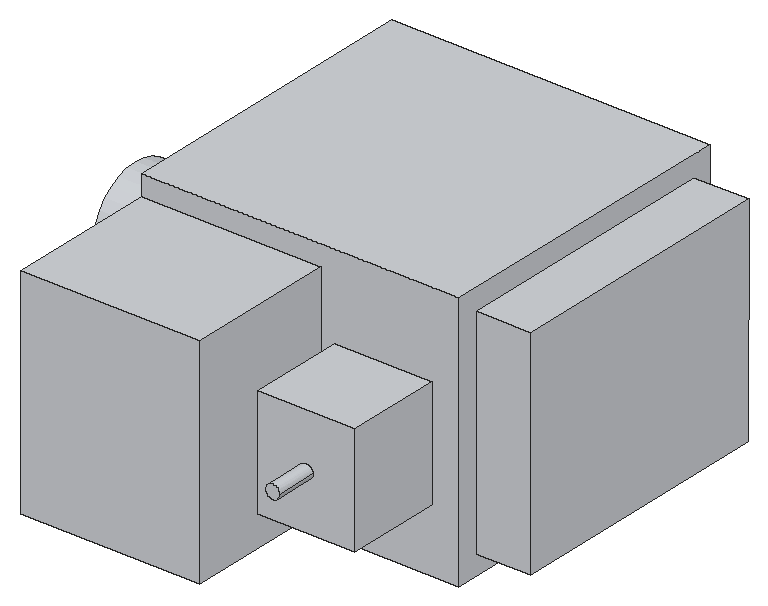
Revit family "M_Unidade de VAV - Duto simples", category Equipamento mecânico, Revit 2019
Family settings
  Cota do conector redondo = Usar raio
  Tipo de parte = Normal
  Número OmniClass = 23.75.70.21.24.14
  Título OmniClass = Variable Volume Air Terminal Units
  ID de item do Seek = VAV Unit - Single Duct-0000-CAN-ENU
  Com base no plano de trabalho = Não
  Sempre na vertical = Sim
  Corte com vazios quando carregada = Não
  Compartilhado = Não
  Ponto de cálculo do ambiente = Não
Parameters (values of type "100 mm")
  Largura 2 = 127 mm
  Largura 1 = 69.9 mm
  Comprimento total = 292 mm
  Largura da meia saída de ar = Largura de saída do ar de fornecimento / 2  # 125 mm
  Material da unidade = none
  Queda de pressão do ar de fornecimento [instance] = 2.5 Pa
  Largura de saída do ar de fornecimento = 250 mm
  Altura de saída do ar de fornecimento = 200 mm
  Raio da entrada de ar de fornecimento = 50 mm
  Diâmetro da entrada de ar de fornecimento = Raio da entrada de ar de fornecimento * 2  # 100 mm
  Fluxo de ar [instance] = 106.0 L/s
Types (9, lengths in mm): name | Largura 2 | Largura 1 | Comprimento total | Largura da meia saída de ar | Queda de pressão do ar de fornecimento | Largura de saída do ar de fornecimento | Altura de saída do ar de fornecimento | Raio da entrada de ar de fornecimento | Diâmetro da entrada de ar de fornecimento | Fluxo de ar
  (no name) | 127 | 69.9 | 292 | 125 | 2.5 Pa | 250 | 200 | 50 | 100 | 106.0 L/s
  100 mm | 127 | 69.9 | 292 | 125 | 2.5 Pa | 250 | 200 | 50 | 100 | 106.0 L/s
  125 mm | 127 | 69.9 | 292 | 125 | 5.0 Pa | 250 | 200 | 62.5 | 125 | 165.0 L/s
  150 mm | 127 | 69.9 | 292 | 125 | 54.7 Pa | 250 | 200 | 75 | 150 | 236.0 L/s
  200 mm | 139.7 | 57.2 | 279 | 137.5 | 19.9 Pa | 275 | 250 | 100 | 200 | 425.0 L/s
  250 mm | 127 | 69.9 | 305 | 175 | 2.5 Pa | 350 | 300 | 125 | 250 | 661.0 L/s
  300 mm | 114.3 | 82.6 | 330 | 212.5 | 2.5 Pa | 425 | 350 | 150 | 300 | 944.0 L/s
  350 mm | 114.3 | 82.6 | 356 | 237.5 | 2.5 Pa | 475 | 450 | 175 | 350 | 1416.0 L/s
  400 mm | 88.9 | 108 | 381 | 287.5 | 2.5 Pa | 575 | 450 | 200 | 400 | 1890.0 L/s
Reference planes
  plane 1 "Centro (Frente/Trás)": y = 0
  plane 2: z = 0
  plane 3 "Centro (Esquerda/Direita)": x = 0
  plane 4: x = -101.6
  plane 5: x = 292
  plane 6: x = 342.8
  plane 7: z = 19.05
  plane 8: z = 219.05
  plane 9: z = 238.1
  plane 10: y = -144.05
  plane 11: y = 144.05
  plane 12: y = -74.15
  plane 13 "2": z = 109.525
  plane 14: y = 125
  plane 15: y = -125
  plane 16: x = 165.1
  plane 17: x = 177.8
  plane 18: y = -283.75
  plane 19: x = 266.7
  plane 20: z = 160.325
  plane 21: z = 58.725
  plane 22: y = -232.95
  plane 23: y = -271.05
  plane 24: x = 222.25
  plane 25 "1": y = -24.15
  plane 26: y = 25.85
Forms (mm)
  Extrusion 1, solid, material <- "Material da unidade"
    sketch origin (0, 0, 0) x (0, 1, 0) y (0, 0, 1)
      loop
        line (144.05, 238.1) -> (-144.05, 238.1) -> (-144.05, 0) -> (144.05, 0) -> (144.05, 238.1)
    from 292 to 0
  Extrusion 2, solid, material <- "Material da unidade"
    sketch origin (0, -35.924, 0) x (0, 1, 0) y (0, 0, 1)
      loop
        circle (11.774, 109.525) r 50
    from -101.6 to 0
  Extrusion 3, solid, material <- "Material da unidade"
    sketch origin (0, 0, 0) x (0, 1, 0) y (0, 0, 1)
      loop
        line (-125, 219.05) -> (-125, 19.05) -> (125, 19.05) -> (125, 219.05) -> (-125, 219.05)
    from 292 to 342.8
  Extrusion 4, solid, material <- "Material da unidade"
    sketch origin (0, 0, 0) x (1, 0, 0) y (0, 0, 1)
      loop
        line (0, 219.05) -> (0, 19.05) -> (165.1, 19.05) -> (165.1, 219.05) -> (0, 219.05)
    from 144.05 to 283.75
  Extrusion 5, solid, material <- "Material da unidade"
    sketch origin (0, 0, 0) x (1, 0, 0) y (0, 0, 1)
      loop
        line (177.8, 160.325) -> (177.8, 58.725) -> (266.7, 58.725) -> (266.7, 160.325) -> (177.8, 160.325)
    from 144.05 to 232.95
  Extrusion 6, solid, material <- "Material da unidade"
    sketch origin (0, 0, 0) x (1, 0, 0) y (0, 0, 1)
      loop
        circle (222.25, 109.525) r 6.35
    from 144.05 to 271.05
Cuts and joins
  joined: Extrusion 2, Extrusion 3, Extrusion 5, Extrusion 6
Dimensions and locks
  locked: plane 4 to plane 3 "Centro (Esquerda/Direita)" at 101.6
  "Comprimento total": plane 5 to plane 3 "Centro (Esquerda/Direita)"
  locked: plane 6 to plane 5 at 50.8
  locked: plane 7 to plane 2 at 19.05
  "Altura de saída do ar de fornecimento": plane 8 to plane 7
  locked: plane 9 to plane 8 at 19.05
  "Largura 1": plane 10 to plane 12
  equal spacing: plane 8, plane 13 "2", level
  locked: plane 14 to plane 11 at 19.05
  locked: plane 10 to plane 15 at 19.05
  locked: plane 16 to plane 3 "Centro (Esquerda/Direita)" at 165.1
  locked: plane 17 to plane 16 at 12.7
  locked: plane 10 to plane 18 at 139.7
  locked: plane 17 to plane 19 at 88.9
  locked: plane 20 to plane 13 "2" at 50.8
  locked: plane 13 "2" to plane 21 at 50.8
  locked: plane 10 to plane 22 at 88.9
  "Largura 2": plane 10 to plane 23
  locked: plane 19 to plane 24 at 44.45
  "Largura da meia saída de ar": plane 15 to plane 1 "Centro (Frente/Trás)"
  "Largura da meia saída de ar": plane 14 to plane 1 "Centro (Frente/Trás)"
  "Raio da entrada de ar de fornecimento": plane 25 "1" to plane 12
  "Raio da entrada de ar de fornecimento": plane 26 to plane 25 "1"
  "Raio da entrada de ar de fornecimento": radius of Extrusion 2 sketch curve
  radius of Extrusion 6 sketch curve = 6.35 mm
  aligned and locked: plane 11 to Extrusion 1 sketch curve
  aligned and locked: plane 9 to Extrusion 1 sketch curve
  aligned and locked: level to Extrusion 1 sketch curve
  aligned and locked: Extrusion 1 sketch curve to plane 10
  aligned and locked: Extrusion 1 to plane 5
  aligned and locked: Extrusion 1 to plane 3 "Centro (Esquerda/Direita)"
  aligned and locked: Extrusion 2 to plane 4
  aligned and locked: plane 3 "Centro (Esquerda/Direita)" to Extrusion 2
  aligned and locked: plane 15 to Extrusion 3 sketch curve
  aligned and locked: Extrusion 3 sketch curve to plane 8
  aligned and locked: plane 7 to Extrusion 3 sketch curve
  aligned and locked: Extrusion 3 sketch curve to plane 14
  aligned and locked: plane 6 to Extrusion 3
  aligned and locked: Extrusion 3 to plane 5
  aligned and locked: plane 3 "Centro (Esquerda/Direita)" to Extrusion 4 sketch curve
  aligned and locked: Extrusion 4 sketch curve to plane 8
  aligned and locked: plane 7 to Extrusion 4 sketch curve
  aligned and locked: Extrusion 4 sketch curve to plane 16
  aligned and locked: plane 10 to Extrusion 4
  aligned and locked: Extrusion 4 to plane 18
  aligned and locked: plane 17 to Extrusion 5 sketch curve
  aligned and locked: Extrusion 5 sketch curve to plane 20
  aligned and locked: plane 21 to Extrusion 5 sketch curve
  aligned and locked: Extrusion 5 sketch curve to plane 19
  aligned and locked: Extrusion 5 to plane 22
  aligned and locked: plane 10 to Extrusion 5
  aligned and locked: plane 13 "2" to Extrusion 6 sketch curve
  aligned and locked: plane 24 to Extrusion 6 sketch curve
  aligned and locked: Extrusion 6 to plane 23
  aligned and locked: plane 10 to Extrusion 6
  aligned and locked: plane 25 "1" to Extrusion 2 sketch curve
  aligned and locked: plane 13 "2" to Extrusion 2 sketch curve
Connectors
  hvac at (-101.6, -24.15, 109.525), driven by "Fluxo de ar", driven by "Raio da entrada de ar de fornecimento"
    settings: on cut or joined group of Extrusion 2, Extrusion 3, Extrusion 5, Extrusion 6, index 1, duct flow 106.0 L/s, flow factor 0, pres drop 0.0 Pa, loss coef 0, conn angle 0.00°, conn width 304.8 mm, conn height 304.8 mm, conn diameter 100 mm, duct sys type 1, conn prof type 0, flow config 1, flow direction 1, loss method 4, conn ref index -1, conn util no, is conn primary yes, conn desc ""
  hvac at (342.8, 0, 119.05), driven by "Altura de saída do ar de fornecimento", driven by "Largura de saída do ar de fornecimento", driven by "Fluxo de ar", driven by "Queda de pressão do ar de fornecimento"
    settings: on cut or joined group of Extrusion 2, Extrusion 3, Extrusion 5, Extrusion 6, index 2, duct flow 106.0 L/s, flow factor 0, pres drop 2.5 Pa, loss coef 0, conn angle 0.00°, conn width 250 mm, conn height 200 mm, conn diameter 609.6 mm, duct sys type 1, conn prof type 1, flow config 0, flow direction 2, loss method 4, conn ref index -1, conn util no, is conn primary no, conn desc ""
